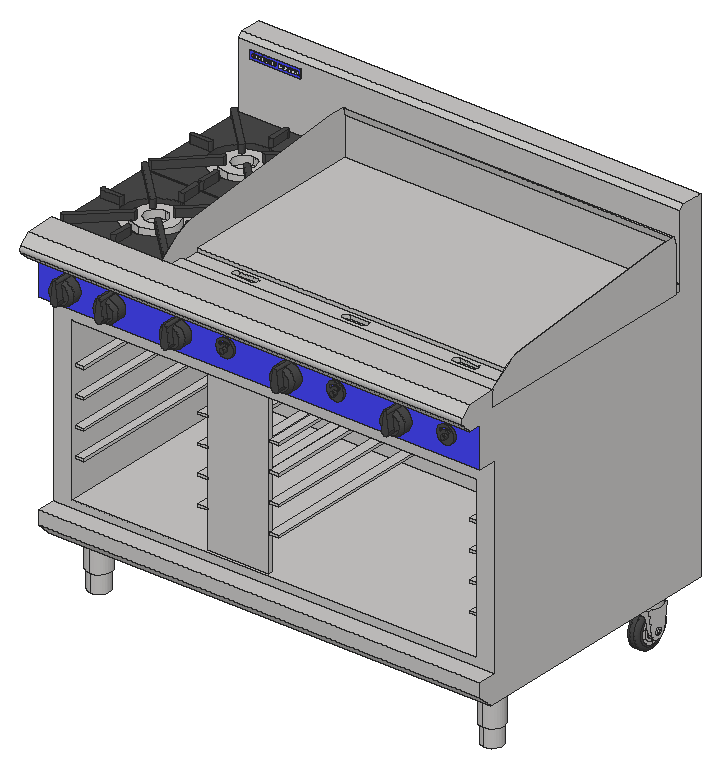
Revit family "QF_MOFFAT_BLUESEAL_CE_G518A-CB", category Specialty Equipment, Revit 2012
Parameters
  Weight in Pounds = 435  # constant formula
  URL Cutsheet = "www.moffat.com"
  URL = "www.moffat.com"
  Type Mark [instance] = ""
  Status [instance] = ""
  Specification by User [instance] = ""
  Specification by Manufacturer = ""
  Show Logo [instance] = yes
  Show Casters [instance] = yes
  Serial Number = ""
  Seismic Rating = ""
  SMACNA No = ""
  Revision Code [instance] = ""
  Omniclass Number and Title = ""
  NAFEM Spec ID Number = ""
  Model = "G518A-CB"
  Mechanical Remarks [instance] = ""
  Mechanical Connection Type [instance] = ""
  Masterspec = ""
  Manufacturer = "MOFFAT BLUESEAL"
  Legs [instance] = not(Show Casters)  # no
  Item Number [instance] = ""
  Installed By [instance] = ""
  Identify Quantity as Lot [instance] = yes
  Gas Size = 3/4"
  Gas RI Height [instance] = 0.0 mm
  Gas KW = 32
  Gas Input [instance] = 81500.0 Btu/h
  Gas Connection Height = 0.0 mm
  Furnished By [instance] = ""
  Foodservice Equipment Identifier [instance] = yes
  Description = "1200MM GAS COOK TOP ON CABINET BASE"
  CSI MasterFormat = ""
  CSI Master Format = ""
  Body Height [instance] = 915.0 mm
  Base Height [instance] = 150.0 mm
Reference planes
  plane 1 "BACK": y = 0
  plane 2: z = 0
  plane 3 "LEFT": x = 0
  plane 4 "RIGHT": x = 1200
  plane 5 "FRONT": y = -812
  plane 6 "TOP": z = 970
  plane 7 "Center Y": x = 600
  plane 8 "Center X": y = -406
  plane 9 "Base Height": z = 150
  plane 10: x = 1134
  plane 11: x = 65
  plane 12: z = 915
  plane 13: z = 1085
  plane 14: y = -100
  plane 15: y = -625
Forms (mm)
  Extrusion 1, solid, material "QF_Finishes_Stainless Steel"
    sketch origin (0, 0, 0) x (0, 1, 0) y (0, 0, 1)
      loop
        line (0, 150) -> (0, 1085) -> (-57.5, 1085) -> (-70, 1072.5) -> (-70, 875) -> (-705, 875) -> (-705, 915) -> (-783.97, 915) -> (-808.485, 890.485)
        arc (-808.485, 890.485) -> (-811.999, 882) -> (-808.485, 873.515) r 12
        line (-808.485, 873.515) -> (-784.97, 850) -> (-749, 850) -> (-749, 740) -> (-135.7, 740) -> (-135.7, 150) -> (0, 150)
      loop
        line (-699, 222.5) -> (-749, 222.5) -> (-749, 186) -> (-713, 150) -> (-699, 150) -> (-699, 222.5)
    from 0 to 1200
  Extrusion 2, solid, material "QF_Finishes_Stainless Steel"
    sketch origin (705, 3, 100) x (1, 0, 0) y (0, 1, 0)
      loop
        circle (365, -35) r 13.5
    from 555 to 599.856
  Revolve 3, solid, material "QF_Finishes_Black"
    sketch origin (89.999, 7, 759.972) x (0, 1, 0) y (0, 0, -1)
      loop
        line (-789, -69.5) -> (-766, -69.5) -> (-766, -42) -> (-756, -42) -> (-756, -37) -> (-800, -37) -> (-800, -63.651) -> (-789, -69.5)
      axis (-800, -37) -> (-756, -37)
    angle from 0 to 360
  Extrusion 4, solid, material "QF_Finishes_Black"
    sketch origin (228.269, 0, 760.13) x (-1, 0, 0) y (0, 0, -1)
      loop
        line (127.85, -26.064) -> (133.27, -68.983)
        arc (133.27, -68.983) -> (138.269, -73.87) -> (143.267, -68.983) r 5
        line (143.267, -68.983) -> (148.756, -24.898)
        arc (148.756, -24.898) -> (137.684, -14.399) -> (127.85, -26.064) r 10.487
    from 759 to 808
  Revolve 5, solid, material "QF_Finishes_Stainless Steel"
    sketch origin (65, -728, 0) x (0, 1, 0) y (0, 0, 1)
      loop
        line (71.25, 150) -> (71.25, 50) -> (75.5, 50) -> (75.5, 0) -> (103, 0) -> (103, 150) -> (71.25, 150)
      axis (103, 150) -> (103, 0)
    angle from 0 to 360
  Revolve 6, solid, material "QF_Finishes_Stainless Steel"
    sketch origin (1134, -728, 0) x (0, 1, 0) y (0, 0, -1)
      loop
        line (71.25, -150) -> (103, -150) -> (103, 0) -> (75.5, 0) -> (75.5, -50) -> (71.25, -50) -> (71.25, -150)
      axis (103, -150) -> (103, 0)
    angle from 0 to 360
  Extrusion 7, solid, material "QF_Finishes_Stainless Steel"
    sketch origin (0, 0, 0) x (1, 0, 0) y (0, 0, 1)
      loop
        line (0, 740) -> (0, 150) -> (1200, 150) -> (1200, 740) -> (0, 740)
      loop
        line (50, 680) -> (50, 242.5) -> (1150, 242.5) -> (1150, 680) -> (50, 680)
    from 135.7 to 699
  Extrusion 8, void
    sketch origin (0, 0, 150) x (-1, 0, 0) y (0, -1, 0)
      loop
        line (-1133.988, 87.26) -> (-1133.988, -30.24) -> (-1004.488, -30.24) -> (-1004.488, 38.76) -> (-1052.988, 87.26) -> (-1133.988, 87.26)
    from 72.5 to 549.856
  Extrusion 9, solid, material "QF_Finishes_Stainless Steel"
    sketch origin (0, -135.7, 735) x (0, 0, 1) y (-1, 0, 0)
      loop
        line (-50, -578.5) -> (-50, -412.5) -> (-492.5, -412.5) -> (-492.5, -578.5) -> (-50, -578.5)
    from 543.302 to 553.302
  Extrusion 10, solid, material "QF_Finishes_Stainless Steel"
    sketch origin (0, -135.7, 735) x (0, 0, 1) y (-1, 0, 0)
      loop
        line (-246.25, -410.75) -> (-239.9, -410.75) -> (-239.9, -385.75) -> (-246.25, -385.75) -> (-246.25, -410.75)
      loop
        line (-321.25, -410.75) -> (-314.9, -410.75) -> (-314.9, -385.75) -> (-321.25, -385.75) -> (-321.25, -410.75)
      loop
        line (-321.25, -50) -> (-321.25, -75) -> (-314.9, -75) -> (-314.9, -50) -> (-321.25, -50)
      loop
        line (-239.9, -75) -> (-239.9, -50) -> (-246.25, -50) -> (-246.25, -75) -> (-239.9, -75)
      loop
        line (-396.25, -410.75) -> (-389.9, -410.75) -> (-389.9, -385.75) -> (-396.25, -385.75) -> (-396.25, -410.75)
      loop
        line (-396.25, -50) -> (-396.25, -75) -> (-389.9, -75) -> (-389.9, -50) -> (-396.25, -50)
      loop
        line (-171.25, -410.75) -> (-164.9, -410.75) -> (-164.9, -385.75) -> (-171.25, -385.75) -> (-171.25, -410.75)
      loop
        line (-164.9, -75) -> (-164.9, -50) -> (-171.25, -50) -> (-171.25, -75) -> (-164.9, -75)
      loop
        line (-246.25, -579.25) -> (-246.25, -604.25) -> (-239.9, -604.25) -> (-239.9, -579.25) -> (-246.25, -579.25)
      loop
        line (-321.25, -579.25) -> (-321.25, -604.25) -> (-314.9, -604.25) -> (-314.9, -579.25) -> (-321.25, -579.25)
      loop
        line (-321.25, -1150) -> (-314.9, -1150) -> (-314.9, -1125) -> (-321.25, -1125) -> (-321.25, -1150)
      loop
        line (-239.9, -1125) -> (-246.25, -1125) -> (-246.25, -1150) -> (-239.9, -1150) -> (-239.9, -1125)
      loop
        line (-396.25, -579.25) -> (-396.25, -604.25) -> (-389.9, -604.25) -> (-389.9, -579.25) -> (-396.25, -579.25)
      loop
        line (-396.25, -1150) -> (-389.9, -1150) -> (-389.9, -1125) -> (-396.25, -1125) -> (-396.25, -1150)
      loop
        line (-171.25, -579.25) -> (-171.25, -604.25) -> (-164.9, -604.25) -> (-164.9, -579.25) -> (-171.25, -579.25)
      loop
        line (-164.9, -1125) -> (-171.25, -1125) -> (-171.25, -1150) -> (-164.9, -1150) -> (-164.9, -1125)
    from 0 to 553.302
  Revolve 11, solid, material "QF_Finishes_Black"
    sketch origin (210, 7, 760) x (0, 1, 0) y (0, 0, -1)
      loop
        line (-789, -69.5) -> (-766, -69.5) -> (-766, -42) -> (-756, -42) -> (-756, -37) -> (-800, -37) -> (-800, -63.651) -> (-789, -69.5)
      axis (-800, -37) -> (-756, -37)
    angle from 0 to 360
  Extrusion 12, solid, material "QF_Finishes_Black"
    sketch origin (348.27, 0, 760.158) x (-1, 0, 0) y (0, 0, -1)
      loop
        line (127.85, -26.064) -> (133.27, -68.983)
        arc (133.27, -68.983) -> (138.269, -73.87) -> (143.267, -68.983) r 5
        line (143.267, -68.983) -> (148.756, -24.898)
        arc (148.756, -24.898) -> (137.684, -14.399) -> (127.85, -26.064) r 10.487
    from 759 to 808
  Revolve 13, solid, material "QF_Finishes_Black"
    sketch origin (390, 7, 760) x (0, 1, 0) y (0, 0, -1)
      loop
        line (-789, -69.5) -> (-766, -69.5) -> (-766, -42) -> (-756, -42) -> (-756, -37) -> (-800, -37) -> (-800, -63.651) -> (-789, -69.5)
      axis (-800, -37) -> (-756, -37)
    angle from 0 to 360
  Extrusion 14, solid, material "QF_Finishes_Black"
    sketch origin (528.27, 0, 760.158) x (-1, 0, 0) y (0, 0, -1)
      loop
        line (127.85, -26.064) -> (133.27, -68.983)
        arc (133.27, -68.983) -> (138.269, -73.87) -> (143.267, -68.983) r 5
        line (143.267, -68.983) -> (148.756, -24.898)
        arc (148.756, -24.898) -> (137.684, -14.399) -> (127.85, -26.064) r 10.487
    from 759 to 808
  Revolve 15, solid, material "QF_Finishes_Black"
    sketch origin (690, 7, 760) x (0, 1, 0) y (0, 0, -1)
      loop
        line (-789, -69.5) -> (-766, -69.5) -> (-766, -42) -> (-756, -42) -> (-756, -37) -> (-800, -37) -> (-800, -63.651) -> (-789, -69.5)
      axis (-800, -37) -> (-756, -37)
    angle from 0 to 360
  Extrusion 16, solid, material "QF_Finishes_Black"
    sketch origin (828.27, 0, 760.158) x (-1, 0, 0) y (0, 0, -1)
      loop
        line (127.85, -26.064) -> (133.27, -68.983)
        arc (133.27, -68.983) -> (138.269, -73.87) -> (143.267, -68.983) r 5
        line (143.267, -68.983) -> (148.756, -24.898)
        arc (148.756, -24.898) -> (137.684, -14.399) -> (127.85, -26.064) r 10.487
    from 759 to 808
  Revolve 17, solid, material "QF_Finishes_Black"
    sketch origin (990, 7, 760) x (0, 1, 0) y (0, 0, -1)
      loop
        line (-789, -69.5) -> (-766, -69.5) -> (-766, -42) -> (-756, -42) -> (-756, -37) -> (-800, -37) -> (-800, -63.651) -> (-789, -69.5)
      axis (-800, -37) -> (-756, -37)
    angle from 0 to 360
  Extrusion 18, solid, material "QF_Finishes_Black"
    sketch origin (1128.27, 0, 760.158) x (-1, 0, 0) y (0, 0, -1)
      loop
        line (127.85, -26.064) -> (133.27, -68.983)
        arc (133.27, -68.983) -> (138.269, -73.87) -> (143.267, -68.983) r 5
        line (143.267, -68.983) -> (148.756, -24.898)
        arc (148.756, -24.898) -> (137.684, -14.399) -> (127.85, -26.064) r 10.487
    from 759 to 808
  Revolve 19, solid, material "QF_Finishes_Stainless Steel", visible <- "Legs"
    sketch origin (65.5, -166, 0) x (0, 1, 0) y (0, 0, 1)
      loop
        line (34.25, 150) -> (34.25, 50) -> (38.5, 50) -> (38.5, 0) -> (66, 0) -> (66, 150) -> (34.25, 150)
      axis (66, 150) -> (66, 0)
    angle from 0 to 360
  Revolve 20, solid, material "QF_Finishes_Stainless Steel", visible <- "Show Casters"
    sketch origin (16.276, -100.755, -12.8) x (1, 0, 0) y (0, 0, 1)
      loop
        line (14.841, 63.604) -> (83.584, 63.604) -> (83.584, 67.109) -> (82.314, 68.379) -> (80.79, 68.379) -> (80.79, 71.826) -> (68.644, 71.826) -> (68.644, 81.79) -> (65.088, 83.843) -> (63.738, 92.179) -> (65.881, 92.179) -> (65.881, 98.529) -> (65.088, 98.529) -> (65.088, 104.879)
        arc (65.088, 104.879) -> (62.298, 111.614) -> (55.563, 114.404) r 9.525
        line (55.563, 114.404) -> (42.863, 114.404)
        arc (42.863, 114.404) -> (36.127, 111.614) -> (33.338, 104.879) r 9.525
        line (33.338, 104.879) -> (33.338, 98.529) -> (32.544, 98.529) -> (32.544, 92.179) -> (34.687, 92.179) -> (33.352, 83.932) -> (29.782, 81.871) -> (29.782, 71.826) -> (17.635, 71.826) -> (17.635, 68.379) -> (16.111, 68.379) -> (14.841, 67.109) -> (14.841, 63.604)
      axis (14.841, 63.604) -> (83.584, 63.604)
    angle from 0 to 360
  Extrusion 21, solid, material "QF_Finishes_Stainless Steel", visible <- "Show Casters"
    sketch origin (72.001, 132.353, -8.783) x (0, 1, 0) y (0, 0, 1)
      loop
        line (-200.603, 118.783) -> (-264.103, 118.783) -> (-251.746, 53.895)
        arc (-251.746, 53.895) -> (-232.353, 38.783) -> (-212.959, 53.895) r 20
        line (-212.959, 53.895) -> (-200.603, 118.783)
    from -35.667 to 22.923
  Revolve 22, solid, material "QF_Finishes_Stainless Steel", visible <- "Show Casters"
    sketch origin (65.5, -204, 0) x (0, 1, 0) y (0, 0, 1)
      loop
        line (68.25, 150) -> (68.25, 110) -> (104, 110) -> (104, 150) -> (68.25, 150)
      axis (104, 150) -> (104, 110)
    angle from 0 to 360
  Revolve 23, solid, material "QF_Finishes_Stainless Steel", visible <- "Legs"
    sketch origin (65.5, -166, 0) x (0, 1, 0) y (0, 0, 1)
      loop
        line (34.25, 150) -> (34.25, 50) -> (38.5, 50) -> (38.5, 0) -> (66, 0) -> (66, 150) -> (34.25, 150)
      axis (66, 150) -> (66, 0)
    angle from 0 to 360
  Revolve 24, solid, material "QF_Finishes_Stainless Steel", visible <- "Legs"
    sketch origin (1134.5, -166, 0) x (0, 1, 0) y (0, 0, -1)
      loop
        line (34.25, -150) -> (66, -150) -> (66, 0) -> (38.5, 0) -> (38.5, -50) -> (34.25, -50) -> (34.25, -150)
      axis (66, -150) -> (66, 0)
    angle from 0 to 360
  Revolve 25, solid, material "QF_Finishes_Stainless Steel", visible <- "Show Casters"
    sketch origin (1183.724, -100.755, -12.8) x (-1, 0, 0) y (0, 0, -1)
      loop
        line (14.841, -63.604) -> (14.841, -67.109) -> (16.111, -68.379) -> (17.635, -68.379) -> (17.635, -71.826) -> (29.782, -71.826) -> (29.782, -81.871) -> (33.352, -83.932) -> (34.687, -92.179) -> (32.544, -92.179) -> (32.544, -98.529) -> (33.338, -98.529) -> (33.338, -104.879)
        arc (33.338, -104.879) -> (36.127, -111.614) -> (42.863, -114.404) r 9.525
        line (42.863, -114.404) -> (55.563, -114.404)
        arc (55.563, -114.404) -> (62.298, -111.614) -> (65.088, -104.879) r 9.525
        line (65.088, -104.879) -> (65.088, -98.529) -> (65.881, -98.529) -> (65.881, -92.179) -> (63.738, -92.179) -> (65.088, -83.843) -> (68.644, -81.79) -> (68.644, -71.826) -> (80.79, -71.826) -> (80.79, -68.379) -> (82.314, -68.379) -> (83.584, -67.109) -> (83.584, -63.604) -> (14.841, -63.604)
      axis (14.841, -63.604) -> (83.584, -63.604)
    angle from 0 to 360
  Extrusion 26, solid, material "QF_Finishes_Stainless Steel", visible <- "Show Casters"
    sketch origin (1127.999, 132.353, -8.783) x (0, 1, 0) y (0, 0, -1)
      loop
        line (-200.603, -118.783) -> (-212.959, -53.895)
        arc (-212.959, -53.895) -> (-232.353, -38.783) -> (-251.746, -53.895) r 20
        line (-251.746, -53.895) -> (-264.103, -118.783) -> (-200.603, -118.783)
    from -35.667 to 22.923
  Revolve 27, solid, material "QF_Finishes_Stainless Steel", visible <- "Show Casters"
    sketch origin (1134.5, -204, 0) x (0, 1, 0) y (0, 0, -1)
      loop
        line (68.25, -150) -> (104, -150) -> (104, -110) -> (68.25, -110) -> (68.25, -150)
      axis (104, -150) -> (104, -110)
    angle from 0 to 360
  Revolve 28, solid, material "QF_Finishes_Stainless Steel", visible <- "Legs"
    sketch origin (1134.5, -166, 0) x (0, 1, 0) y (0, 0, -1)
      loop
        line (34.25, -150) -> (66, -150) -> (66, 0) -> (38.5, 0) -> (38.5, -50) -> (34.25, -50) -> (34.25, -150)
      axis (66, -150) -> (66, 0)
    angle from 0 to 360
  Extrusion 29, solid, material "QF_Finishes_Black"
    sketch origin (0, -749, 850) x (0, 0, -1) y (1, 0, 0)
      loop
        circle (53, 810) r 23.9
      loop
        circle (53, 510) r 23.9
      loop
        arc (45.641, 518.419) -> (46.501, 523.219) -> (41.701, 524.079) r 3.448
        arc (41.701, 524.079) -> (35.116, 509.341) -> (42.919, 495.209) r 18.095
        arc (42.919, 495.209) -> (47.641, 496.491) -> (46.326, 501.204) r 3.448
        arc (46.326, 501.204) -> (42.758, 509.683) -> (45.641, 518.419) r 13.109
      loop
        arc (45.641, 818.419) -> (46.501, 823.219) -> (41.701, 824.079) r 3.448
        arc (41.701, 824.079) -> (35.116, 809.341) -> (42.919, 795.209) r 18.095
        arc (42.919, 795.209) -> (47.641, 796.491) -> (46.326, 801.204) r 3.448
        arc (46.326, 801.204) -> (42.758, 809.683) -> (45.641, 818.419) r 13.109
      loop
        circle (53, 1110) r 23.9
      loop
        arc (45.641, 1118.419) -> (46.501, 1123.219) -> (41.701, 1124.079) r 3.448
        arc (41.701, 1124.079) -> (35.116, 1109.341) -> (42.919, 1095.209) r 18.095
        arc (42.919, 1095.209) -> (47.641, 1096.491) -> (46.326, 1101.204) r 3.448
        arc (46.326, 1101.204) -> (42.758, 1109.683) -> (45.641, 1118.419) r 13.109
    from 0 to 5
  Extrusion 30, solid, material "QF_Finishes_Black"
    sketch origin (0, -754, 850) x (0, 0, -1) y (1, 0, 0)
      loop
        circle (56.5, 810) r 5.75
      loop
        circle (56.5, 510) r 5.75
      loop
        circle (56.5, 1110) r 5.75
    from 0 to 10
Cuts and joins
  Extrusion 8 cuts Extrusion 1
  joined: Extrusion 1, Extrusion 7
Lines and regions (mm)
  Split face 1
    outline origin (1200, 0, 1085) x (-1, 0, 0) y (0, -1, 0)
      loop
        arc (1167.206, 18.385) -> (1175.866, 23.385) -> (1175.866, 33.385) r 10
        line (1175.866, 33.385) -> (1171.824, 40.385)
        arc (1171.824, 40.385) -> (1168.164, 44.045) -> (1163.164, 45.385) r 10
        line (1163.164, 45.385) -> (935.206, 45.385)
        arc (935.206, 45.385) -> (926.545, 40.385) -> (926.545, 30.385) r 10
        line (926.545, 30.385) -> (930.587, 23.385)
        arc (930.587, 23.385) -> (934.247, 19.725) -> (939.247, 18.385) r 10
        line (939.247, 18.385) -> (1167.206, 18.385)
  Split face 2
    outline origin (1200, 0, 1085) x (-1, 0, 0) y (0, -1, 0)
      loop
        arc (35.206, 45.385) -> (26.545, 40.385) -> (26.545, 30.385) r 10
        line (26.545, 30.385) -> (30.587, 23.385)
        arc (30.587, 23.385) -> (34.247, 19.725) -> (39.247, 18.385) r 10
        line (39.247, 18.385) -> (267.206, 18.385)
        arc (267.206, 18.385) -> (275.866, 23.385) -> (275.866, 33.385) r 10
        line (275.866, 33.385) -> (271.824, 40.385)
        arc (271.824, 40.385) -> (268.164, 44.045) -> (263.164, 45.385) r 10
        line (263.164, 45.385) -> (35.206, 45.385)
  Split face 3
    outline origin (1200, 0, 1085) x (-1, 0, 0) y (0, -1, 0)
      loop
        arc (335.206, 45.385) -> (326.545, 40.385) -> (326.545, 30.385) r 10
        line (326.545, 30.385) -> (330.587, 23.385)
        arc (330.587, 23.385) -> (334.247, 19.725) -> (339.247, 18.385) r 10
        line (339.247, 18.385) -> (567.206, 18.385)
        arc (567.206, 18.385) -> (575.866, 23.385) -> (575.866, 33.385) r 10
        line (575.866, 33.385) -> (571.824, 40.385)
        arc (571.824, 40.385) -> (568.164, 44.045) -> (563.164, 45.385) r 10
        line (563.164, 45.385) -> (335.206, 45.385)
  Split face 4
    outline origin (1200, 0, 1085) x (-1, 0, 0) y (0, -1, 0)
      loop
        arc (867.206, 18.385) -> (875.866, 23.385) -> (875.866, 33.385) r 10
        line (875.866, 33.385) -> (871.824, 40.385)
        arc (871.824, 40.385) -> (868.164, 44.045) -> (863.164, 45.385) r 10
        line (863.164, 45.385) -> (635.206, 45.385)
        arc (635.206, 45.385) -> (626.545, 40.385) -> (626.545, 30.385) r 10
        line (626.545, 30.385) -> (630.587, 23.385)
        arc (630.587, 23.385) -> (634.247, 19.725) -> (639.247, 18.385) r 10
        line (639.247, 18.385) -> (867.206, 18.385)
  symbolic lines
    curve 1: line (1200, -812, 0) -> (1200, 0, 0)
    curve 2: line (0, -812, 0) -> (1200, -812, 0)
    curve 3: line (0, 0, 0) -> (0, -812, 0)
    curve 12: line (632.794, -18.385, 0) -> (860.753, -18.385, 0)
    curve 13: line (560.753, -18.385, 0) -> (332.794, -18.385, 0)
    curve 14: arc (332.794, -18.385, 0) -> (324.134, -23.385, 0) -> (324.134, -33.385, 0) r 10
    curve 15: line (324.134, -33.385, 0) -> (328.176, -40.385, 0)
    curve 16: arc (328.176, -40.385, 0) -> (331.836, -44.045, 0) -> (336.836, -45.385, 0) r 10
    curve 17: line (336.836, -45.385, 0) -> (564.794, -45.385, 0)
    curve 18: arc (564.794, -45.385, 0) -> (573.455, -40.385, 0) -> (573.455, -30.385, 0) r 10
    curve 19: line (573.455, -30.385, 0) -> (569.413, -23.385, 0)
    curve 20: arc (569.413, -23.385, 0) -> (565.753, -19.725, 0) -> (560.753, -18.385, 0) r 10
    curve 21: line (32.794, -18.385, 0) -> (260.753, -18.385, 0)
    curve 22: arc (260.753, -18.385, 0) -> (265.753, -19.725, 0) -> (269.413, -23.385, 0) r 10
    curve 23: line (269.413, -23.385, 0) -> (273.455, -30.385, 0)
    curve 24: arc (273.455, -30.385, 0) -> (273.455, -40.385, 0) -> (264.794, -45.385, 0) r 10
    curve 25: line (264.794, -45.385, 0) -> (36.836, -45.385, 0)
    curve 26: arc (36.836, -45.385, 0) -> (31.836, -44.045, 0) -> (28.176, -40.385, 0) r 10
    curve 27: line (28.176, -40.385, 0) -> (24.134, -33.385, 0)
    curve 28: arc (24.134, -33.385, 0) -> (24.134, -23.385, 0) -> (32.794, -18.385, 0) r 10
    curve 29: line (932.794, -18.385, 0) -> (1160.753, -18.385, 0)
    curve 30: arc (1160.753, -18.385, 0) -> (1165.753, -19.725, 0) -> (1169.413, -23.385, 0) r 10
    curve 31: line (1169.413, -23.385, 0) -> (1173.455, -30.385, 0)
    curve 32: arc (1173.455, -30.385, 0) -> (1173.455, -40.385, 0) -> (1164.794, -45.385, 0) r 10
    curve 33: line (1164.794, -45.385, 0) -> (936.836, -45.385, 0)
    curve 34: arc (936.836, -45.385, 0) -> (931.836, -44.045, 0) -> (928.176, -40.385, 0) r 10
    curve 35: line (928.176, -40.385, 0) -> (924.134, -33.385, 0)
    curve 36: arc (924.134, -33.385, 0) -> (924.134, -23.385, 0) -> (932.794, -18.385, 0) r 10
    curve 37: line (636.836, -45.385, 0) -> (864.794, -45.385, 0)
    curve 38: arc (864.794, -45.385, 0) -> (873.455, -40.385, 0) -> (873.455, -30.385, 0) r 10
    curve 39: line (873.455, -30.385, 0) -> (869.413, -23.385, 0)
    curve 40: arc (869.413, -23.385, 0) -> (865.753, -19.725, 0) -> (860.753, -18.385, 0) r 10
    curve 41: line (860.753, -18.385, 0) -> (632.794, -18.385, 0)
    curve 42: arc (632.794, -18.385, 0) -> (624.134, -23.385, 0) -> (624.134, -33.385, 0) r 10
    curve 43: line (624.134, -33.385, 0) -> (628.176, -40.385, 0)
    curve 44: arc (628.176, -40.385, 0) -> (631.836, -44.045, 0) -> (636.836, -45.385, 0) r 10
    curve 45: line (0, 0, 0) -> (1200, 0, 0)
    curve 46: line (0, -783.97, 0) -> (1200, -783.97, 0)
    curve 47: line (-1, -705, 0) -> (1199, -705, 0)
    curve 48: line (0, -70, 0) -> (1200, -70, 0)
    curve 49: line (0, -57.5, 0) -> (1200, -57.5, 0)
  symbolic lines, style "SpecialityEquipmentHiddenLines", visible <- "Show Casters"
    curve 4: line (78.456, -46.735, 0) -> (105.952, -62.61, 0)
    curve 5: line (27.656, -134.723, 0) -> (78.456, -46.735, 0)
    curve 6: line (55.152, -150.598, 0) -> (27.656, -134.723, 0)
    curve 7: line (105.952, -62.61, 0) -> (55.152, -150.598, 0)
    curve 8: line (1148.456, -46.735, 0) -> (1175.952, -62.61, 0)
    curve 9: line (1097.656, -134.723, 0) -> (1148.456, -46.735, 0)
    curve 10: line (1125.152, -150.598, 0) -> (1097.656, -134.723, 0)
    curve 11: line (1175.952, -62.61, 0) -> (1125.152, -150.598, 0)
Dimensions and locks
  equal spacing: plane 3 "LEFT", plane 7 "Center Y", plane 4 "RIGHT"
  plane 3 "LEFT" to plane 4 "RIGHT" = 1200.0 mm
  equal spacing: plane 5 "FRONT", plane 8 "Center X", plane 1 "BACK"
  plane 5 "FRONT" to plane 1 "BACK" = 812.0 mm
  "Base Height": plane 9 "Base Height" to level
  plane 6 "TOP" to level = 970.0 mm
  plane 10 to plane 11 = 1069.0 mm
  level to Extrusion 2 = 655.0 mm
  Extrusion 8 to Extrusion 8 = 477.356 mm
  plane 13 to plane 2 = 1085.0 mm
  Extrusion 2 sketch curve to plane 1 "BACK" = 32.0 mm
  Revolve 20 sketch curve to Revolve 20 sketch curve = 50.8 mm
  Revolve 25 sketch curve to Revolve 25 sketch curve = 50.8 mm
  aligned and locked: level to plane 2
Automatic sketch dimensions
  Extrusion 1 sketch curve to plane 12 = 0.0 mm
  Extrusion 1 sketch curve to plane 9 "Base Height" = 0.0 mm  (x2)
  Extrusion 1 sketch curve to plane 13 = 0.0 mm
  Extrusion 1 sketch curve to plane 1 "BACK" = 0.0 mm
  Extrusion 1 sketch curve to Extrusion 1 sketch curve = 57.5 mm
  Extrusion 1 sketch curve to plane 13 = 12.5 mm
  Extrusion 1 sketch curve to Extrusion 1 sketch curve = 12.5 mm
  plane 1 "BACK" to Extrusion 1 sketch curve = 135.7 mm
  Extrusion 1 sketch curve to plane 5 "FRONT" = 113.0 mm
  Extrusion 1 sketch curve to plane 12 = 40.0 mm
  Extrusion 1 sketch curve to plane 5 "FRONT" = 107.0 mm
  Extrusion 1 sketch curve to Extrusion 1 sketch curve = 14.0 mm
  Extrusion 1 sketch curve to plane 5 "FRONT" = 63.0 mm
  Extrusion 1 sketch curve to Extrusion 1 sketch curve = 50.0 mm
  Extrusion 1 sketch curve to plane 5 "FRONT" = 28.03 mm
  Extrusion 1 sketch curve to plane 5 "FRONT" = 27.03 mm
  Extrusion 1 sketch curve to plane 5 "FRONT" = 12.001 mm
  Extrusion 1 sketch curve to plane 5 "FRONT" = 3.515 mm  (x2)
  plane 9 "Base Height" to Extrusion 1 sketch curve = 36.0 mm
  Extrusion 1 sketch curve to Extrusion 1 sketch curve = 36.5 mm
  Extrusion 1 sketch curve to Extrusion 1 sketch curve = 135.0 mm
  Extrusion 1 sketch curve to Extrusion 1 sketch curve = 25.0 mm
  Extrusion 1 sketch curve to Extrusion 1 sketch curve = 23.515 mm
  Extrusion 1 sketch curve to Extrusion 1 sketch curve = 8.485 mm
  Extrusion 2 sketch curve to plane 10 = 64.0 mm
  Revolve 3 sketch curve to plane 5 "FRONT" = 19.0 mm
  Revolve 3 sketch curve to Revolve 3 sketch curve = 0.0 mm  (x2)
  Revolve 3 sketch curve to Revolve 3 sketch curve = 11.0 mm
  Revolve 3 sketch curve to Revolve 3 sketch curve = 12.7 mm
  Revolve 3 sketch curve to Revolve 3 sketch curve = 23.0 mm
  Revolve 3 sketch curve to Revolve 3 sketch curve = 10.0 mm
  Revolve 3 sketch curve to plane 12 = 85.528 mm
  Revolve 3 sketch curve to Revolve 3 sketch curve = 5.849 mm
  Revolve 3 sketch curve to Revolve 3 sketch curve = 27.5 mm
  Revolve 3 sketch curve to Revolve 3 sketch curve = 5.0 mm
  plane 11 to Extrusion 4 sketch curve = 35.419 mm
  plane 11 to Extrusion 4 sketch curve = 29.999 mm
  Extrusion 4 sketch curve to Extrusion 4 sketch curve = 10.419 mm
  Extrusion 4 sketch curve to Extrusion 4 sketch curve = 4.999 mm  (x2)
  Extrusion 4 sketch curve to Extrusion 4 sketch curve = 10.487 mm
  Extrusion 4 sketch curve to plane 12 = 85.887 mm
  Extrusion 4 sketch curve to Extrusion 4 sketch curve = 0.113 mm
  Extrusion 4 sketch curve to Extrusion 4 sketch curve = 42.919 mm
  Extrusion 4 sketch curve to Extrusion 4 sketch curve = 1.167 mm
  Revolve 5 sketch curve to plane 9 "Base Height" = 0.0 mm
  Revolve 5 sketch curve to level = 0.0 mm
  level to Revolve 5 sketch curve = 50.0 mm
  Revolve 5 sketch curve to plane 5 "FRONT" = 155.25 mm
  Revolve 5 sketch curve to Revolve 5 sketch curve = 4.25 mm
  Revolve 5 sketch curve to Revolve 5 sketch curve = 27.5 mm  (x2)
  Revolve 5 sketch curve to Revolve 5 sketch curve = 55.0 mm
  Revolve 5 sketch curve to Revolve 5 sketch curve = 0.0 mm
  Revolve 6 sketch curve to plane 9 "Base Height" = 0.0 mm
  Revolve 6 sketch curve to level = 0.0 mm
  level to Revolve 6 sketch curve = 50.0 mm
  Revolve 6 sketch curve to plane 5 "FRONT" = 155.25 mm
  Revolve 6 sketch curve to Revolve 6 sketch curve = 4.25 mm
  Revolve 6 sketch curve to Revolve 6 sketch curve = 27.5 mm  (x2)
  Revolve 6 sketch curve to Revolve 6 sketch curve = 0.0 mm
  Revolve 6 sketch curve to Revolve 6 sketch curve = 55.0 mm
  Extrusion 7 sketch curve to plane 3 "LEFT" = 0.0 mm
  plane 4 "RIGHT" to Extrusion 7 sketch curve = 0.0 mm
  Extrusion 7 sketch curve to plane 9 "Base Height" = 0.0 mm
  Extrusion 7 sketch curve to plane 11 = 15.0 mm
  plane 10 to Extrusion 7 sketch curve = 16.0 mm
  plane 9 "Base Height" to Extrusion 7 sketch curve = 92.5 mm
  Extrusion 7 sketch curve to plane 12 = 235.0 mm
  Extrusion 7 sketch curve to Extrusion 7 sketch curve = 60.0 mm
  Extrusion 8 sketch curve to plane 10 = 0.012 mm
  Extrusion 8 sketch curve to Extrusion 8 sketch curve = 81.0 mm
  Extrusion 8 sketch curve to Extrusion 8 sketch curve = 48.5 mm  (x2)
  Extrusion 8 sketch curve to plane 1 "BACK" = 30.24 mm
  plane 1 "BACK" to Extrusion 8 sketch curve = 38.76 mm
  Extrusion 9 sketch curve to Extrusion 1 = 92.5 mm
  Extrusion 1 to Extrusion 9 sketch curve = 55.0 mm
  Extrusion 1 to Extrusion 9 sketch curve = 578.5 mm
  Extrusion 9 sketch curve to Extrusion 9 sketch curve = 166.0 mm
  Extrusion 1 to Extrusion 10 sketch curve = 75.0 mm  (x2)
  Extrusion 10 sketch curve to Extrusion 1 = 188.75 mm  (x3)
  Extrusion 10 sketch curve to Extrusion 10 sketch curve = 0.0 mm  (x9)
  Extrusion 1 to Extrusion 10 sketch curve = 50.0 mm  (x4)
  Extrusion 10 sketch curve to Extrusion 10 sketch curve = 6.35 mm  (x16)
  Extrusion 10 sketch curve to Extrusion 10 sketch curve = 68.65 mm  (x12)
  Extrusion 10 sketch curve to Extrusion 10 sketch curve = 25.0 mm  (x16)
  Extrusion 10 sketch curve to Extrusion 10 sketch curve = 520.75 mm
  Extrusion 10 sketch curve to Extrusion 10 sketch curve = 168.5 mm
  Revolve 11 sketch curve to plane 5 "FRONT" = 19.0 mm
  Revolve 11 sketch curve to Revolve 11 sketch curve = 0.0 mm  (x2)
  Revolve 11 sketch curve to Revolve 11 sketch curve = 11.0 mm
  Revolve 11 sketch curve to Revolve 11 sketch curve = 12.7 mm
  Revolve 11 sketch curve to Revolve 11 sketch curve = 23.0 mm
  Revolve 11 sketch curve to Revolve 11 sketch curve = 10.0 mm
  Revolve 11 sketch curve to plane 12 = 85.5 mm
  Revolve 11 sketch curve to Revolve 11 sketch curve = 5.849 mm
  Revolve 11 sketch curve to Revolve 11 sketch curve = 27.5 mm
  Revolve 11 sketch curve to Revolve 11 sketch curve = 5.0 mm
  plane 11 to Extrusion 12 sketch curve = 155.42 mm
  Extrusion 12 sketch curve to Extrusion 12 sketch curve = 5.421 mm
  Extrusion 12 sketch curve to Extrusion 12 sketch curve = 10.419 mm
  Extrusion 12 sketch curve to Extrusion 12 sketch curve = 4.999 mm  (x2)
  Extrusion 12 sketch curve to plane 12 = 85.859 mm
  Extrusion 12 sketch curve to Extrusion 12 sketch curve = 10.487 mm
  Extrusion 12 sketch curve to Extrusion 12 sketch curve = 0.113 mm
  Extrusion 12 sketch curve to Extrusion 12 sketch curve = 42.919 mm
  Extrusion 12 sketch curve to Extrusion 12 sketch curve = 1.167 mm
  Revolve 13 sketch curve to plane 5 "FRONT" = 19.0 mm
  Revolve 13 sketch curve to Revolve 13 sketch curve = 0.0 mm  (x2)
  Revolve 13 sketch curve to Revolve 13 sketch curve = 11.0 mm
  Revolve 13 sketch curve to Revolve 13 sketch curve = 12.7 mm
  Revolve 13 sketch curve to Revolve 13 sketch curve = 23.0 mm
  Revolve 13 sketch curve to Revolve 13 sketch curve = 10.0 mm
  Revolve 13 sketch curve to plane 12 = 85.5 mm
  Revolve 13 sketch curve to Revolve 13 sketch curve = 5.849 mm
  Revolve 13 sketch curve to Revolve 13 sketch curve = 27.5 mm
  Revolve 13 sketch curve to Revolve 13 sketch curve = 5.0 mm
  Extrusion 14 sketch curve to plane 7 "Center Y" = 199.58 mm
  Extrusion 14 sketch curve to Extrusion 14 sketch curve = 5.421 mm
  Extrusion 14 sketch curve to Extrusion 14 sketch curve = 10.419 mm
  Extrusion 14 sketch curve to Extrusion 14 sketch curve = 4.999 mm  (x2)
  Extrusion 14 sketch curve to plane 12 = 85.859 mm
  Extrusion 14 sketch curve to Extrusion 14 sketch curve = 10.487 mm
  Extrusion 14 sketch curve to Extrusion 14 sketch curve = 0.113 mm
  Extrusion 14 sketch curve to Extrusion 14 sketch curve = 42.919 mm
  Extrusion 14 sketch curve to Extrusion 14 sketch curve = 1.167 mm
  Revolve 15 sketch curve to plane 5 "FRONT" = 19.0 mm
  Revolve 15 sketch curve to Revolve 15 sketch curve = 0.0 mm  (x2)
  Revolve 15 sketch curve to Revolve 15 sketch curve = 11.0 mm
  Revolve 15 sketch curve to Revolve 15 sketch curve = 12.7 mm
  Revolve 15 sketch curve to Revolve 15 sketch curve = 23.0 mm
  Revolve 15 sketch curve to Revolve 15 sketch curve = 10.0 mm
  Revolve 15 sketch curve to plane 12 = 85.5 mm
  Revolve 15 sketch curve to Revolve 15 sketch curve = 5.849 mm
  Revolve 15 sketch curve to Revolve 15 sketch curve = 27.5 mm
  Revolve 15 sketch curve to Revolve 15 sketch curve = 5.0 mm
  plane 7 "Center Y" to Extrusion 16 sketch curve = 100.42 mm
  Extrusion 16 sketch curve to Extrusion 16 sketch curve = 5.421 mm
  Extrusion 16 sketch curve to Extrusion 16 sketch curve = 10.419 mm
  Extrusion 16 sketch curve to Extrusion 16 sketch curve = 4.999 mm  (x2)
  Extrusion 16 sketch curve to Extrusion 16 sketch curve = 10.487 mm
  Extrusion 16 sketch curve to plane 12 = 85.859 mm
  Extrusion 16 sketch curve to Extrusion 16 sketch curve = 0.113 mm
  Extrusion 16 sketch curve to Extrusion 16 sketch curve = 42.919 mm
  Extrusion 16 sketch curve to Extrusion 16 sketch curve = 1.167 mm
  Revolve 17 sketch curve to plane 5 "FRONT" = 19.0 mm
  Revolve 17 sketch curve to Revolve 17 sketch curve = 0.0 mm  (x2)
  Revolve 17 sketch curve to Revolve 17 sketch curve = 11.0 mm
  Revolve 17 sketch curve to Revolve 17 sketch curve = 12.7 mm
  Revolve 17 sketch curve to Revolve 17 sketch curve = 23.0 mm
  Revolve 17 sketch curve to Revolve 17 sketch curve = 10.0 mm
  Revolve 17 sketch curve to plane 12 = 85.5 mm
  Revolve 17 sketch curve to Revolve 17 sketch curve = 5.849 mm
  Revolve 17 sketch curve to Revolve 17 sketch curve = 27.5 mm
  Revolve 17 sketch curve to Revolve 17 sketch curve = 5.0 mm
  Extrusion 18 sketch curve to plane 10 = 133.58 mm
  Extrusion 18 sketch curve to Extrusion 18 sketch curve = 5.421 mm
  Extrusion 18 sketch curve to Extrusion 18 sketch curve = 10.419 mm
  Extrusion 18 sketch curve to Extrusion 18 sketch curve = 4.999 mm  (x2)
  Extrusion 18 sketch curve to plane 12 = 85.859 mm
  Extrusion 18 sketch curve to Extrusion 18 sketch curve = 10.487 mm
  Extrusion 18 sketch curve to Extrusion 18 sketch curve = 0.113 mm
  Extrusion 18 sketch curve to Extrusion 18 sketch curve = 42.919 mm
  Extrusion 18 sketch curve to Extrusion 18 sketch curve = 1.167 mm
  Split face 1 sketch curve to cut or joined group of Extrusion 1, Extrusion 7, Extrusion 8 = 27.115 mm
  Split face 1 sketch curve to cut or joined group of Extrusion 1, Extrusion 7, Extrusion 8 = 273.455 mm
  Split face 1 sketch curve to Split face 1 sketch curve = 4.041 mm  (x4)
  Split face 1 sketch curve to Split face 1 sketch curve = 8.66 mm  (x2)
  Split face 1 sketch curve to cut or joined group of Extrusion 1, Extrusion 7, Extrusion 8 = 12.115 mm
  Split face 1 sketch curve to cut or joined group of Extrusion 1, Extrusion 7, Extrusion 8 = 36.836 mm
  Split face 1 sketch curve to Split face 1 sketch curve = 7.0 mm  (x3)
  Split face 1 sketch curve to Split face 1 sketch curve = 17.0 mm
  Split face 2 sketch curve to cut or joined group of Extrusion 1, Extrusion 7, Extrusion 8 = 26.545 mm
  Split face 2 sketch curve to Split face 2 sketch curve = 4.041 mm  (x4)
  Split face 2 sketch curve to Split face 2 sketch curve = 8.66 mm  (x2)
  Split face 2 sketch curve to cut or joined group of Extrusion 1, Extrusion 7, Extrusion 8 = 22.115 mm
  Split face 2 sketch curve to Split face 2 sketch curve = 223.917 mm
  Split face 2 sketch curve to cut or joined group of Extrusion 1, Extrusion 7, Extrusion 8 = 17.115 mm
  Split face 2 sketch curve to Split face 2 sketch curve = 10.0 mm
  Split face 2 sketch curve to Split face 2 sketch curve = 7.0 mm  (x3)
  Split face 3 sketch curve to cut or joined group of Extrusion 1, Extrusion 7, Extrusion 8 = 27.115 mm
  Split face 3 sketch curve to cut or joined group of Extrusion 1, Extrusion 7, Extrusion 8 = 326.545 mm
  Split face 3 sketch curve to cut or joined group of Extrusion 1, Extrusion 7, Extrusion 8 = 23.385 mm
  Split face 3 sketch curve to Split face 3 sketch curve = 4.041 mm  (x3)
  Split face 3 sketch curve to Split face 3 sketch curve = 8.66 mm  (x3)
  Split face 3 sketch curve to cut or joined group of Extrusion 1, Extrusion 7, Extrusion 8 = 12.115 mm
  Split face 3 sketch curve to Split face 3 sketch curve = 223.917 mm
  Split face 3 sketch curve to cut or joined group of Extrusion 1, Extrusion 7, Extrusion 8 = 17.115 mm
  Split face 3 sketch curve to cut or joined group of Extrusion 1, Extrusion 7, Extrusion 8 = 24.115 mm
  Split face 3 sketch curve to Split face 3 sketch curve = 5.0 mm
  Split face 4 sketch curve to cut or joined group of Extrusion 1, Extrusion 7, Extrusion 8 = 27.115 mm
  Split face 4 sketch curve to cut or joined group of Extrusion 1, Extrusion 7, Extrusion 8 = 573.455 mm
  Split face 4 sketch curve to Split face 4 sketch curve = 4.041 mm  (x4)
  Split face 4 sketch curve to Split face 4 sketch curve = 8.66 mm  (x2)
  Split face 4 sketch curve to cut or joined group of Extrusion 1, Extrusion 7, Extrusion 8 = 12.115 mm
  Split face 4 sketch curve to Split face 4 sketch curve = 223.917 mm
  Split face 4 sketch curve to Split face 4 sketch curve = 7.0 mm  (x3)
  Split face 4 sketch curve to Split face 4 sketch curve = 17.0 mm
  Revolve 19 sketch curve to plane 9 "Base Height" = 0.0 mm
  Revolve 19 sketch curve to level = 0.0 mm
  level to Revolve 19 sketch curve = 50.0 mm
  plane 1 "BACK" to Revolve 19 sketch curve = 131.75 mm
  Revolve 19 sketch curve to Revolve 19 sketch curve = 4.25 mm
  Revolve 19 sketch curve to Revolve 19 sketch curve = 27.5 mm  (x2)
  Revolve 19 sketch curve to Revolve 19 sketch curve = 55.0 mm
  Revolve 19 sketch curve to Revolve 19 sketch curve = 0.0 mm
  plane 3 "LEFT" to Revolve 20 sketch curve = 31.118 mm
  Revolve 20 sketch curve to Revolve 20 sketch curve = 1.27 mm  (x4)
  Revolve 20 sketch curve to Revolve 20 sketch curve = 1.524 mm  (x2)
  Revolve 20 sketch curve to Revolve 20 sketch curve = 12.146 mm  (x2)
  Revolve 20 sketch curve to plane 11 = 16.18 mm
  Revolve 20 sketch curve to Revolve 20 sketch curve = 0.794 mm  (x2)
  Revolve 20 sketch curve to Revolve 20 sketch curve = 3.57 mm
  Revolve 20 sketch curve to Revolve 20 sketch curve = 2.143 mm
  Revolve 20 sketch curve to plane 11 = 5.861 mm
  plane 11 to Revolve 20 sketch curve = 5.63 mm
  plane 11 to Revolve 20 sketch curve = 6.839 mm
  plane 11 to Revolve 20 sketch curve = 15.015 mm
  Revolve 20 sketch curve to Revolve 20 sketch curve = 1.349 mm  (x2)
  Revolve 20 sketch curve to Revolve 20 sketch curve = 3.556 mm
  Revolve 20 sketch curve to Revolve 20 sketch curve = 33.32 mm
  level to Revolve 20 sketch curve = 50.804 mm
  Revolve 20 sketch curve to Revolve 20 sketch curve = 0.0 mm
  Revolve 20 sketch curve to Revolve 20 sketch curve = 3.505 mm  (x2)
  Revolve 20 sketch curve to Revolve 20 sketch curve = 3.447 mm  (x2)
  Revolve 20 sketch curve to Revolve 20 sketch curve = 9.964 mm
  Revolve 20 sketch curve to Revolve 20 sketch curve = 10.045 mm
  Revolve 20 sketch curve to Revolve 20 sketch curve = 2.053 mm
  Revolve 20 sketch curve to Revolve 20 sketch curve = 2.061 mm
  Revolve 20 sketch curve to Revolve 20 sketch curve = 8.247 mm
  Revolve 20 sketch curve to Revolve 20 sketch curve = 8.336 mm
  Revolve 20 sketch curve to Revolve 20 sketch curve = 6.35 mm  (x2)
  Extrusion 21 sketch curve to plane 9 "Base Height" = 40.0 mm
  plane 1 "BACK" to Extrusion 21 sketch curve = 131.75 mm
  level to Extrusion 21 sketch curve = 45.111 mm  (x2)
  Extrusion 21 sketch curve to Extrusion 21 sketch curve = 12.357 mm
  Extrusion 21 sketch curve to Extrusion 21 sketch curve = 19.393 mm
  Extrusion 21 sketch curve to Extrusion 21 sketch curve = 63.5 mm
  Extrusion 21 sketch curve to Extrusion 21 sketch curve = 4.889 mm
  Revolve 22 sketch curve to plane 9 "Base Height" = 0.0 mm
  Revolve 22 sketch curve to plane 9 "Base Height" = 40.0 mm
  plane 1 "BACK" to Revolve 22 sketch curve = 135.75 mm
  plane 1 "BACK" to Revolve 22 sketch curve = 100.0 mm
  Revolve 22 sketch curve to Revolve 22 sketch curve = 35.75 mm
  level to Revolve 22 sketch curve = 50.0 mm
  Revolve 22 sketch curve to level = 55.0 mm
  Revolve 23 sketch curve to plane 9 "Base Height" = 0.0 mm
  Revolve 23 sketch curve to level = 0.0 mm
  level to Revolve 23 sketch curve = 50.0 mm
  plane 1 "BACK" to Revolve 23 sketch curve = 131.75 mm
  Revolve 23 sketch curve to Revolve 23 sketch curve = 4.25 mm
  Revolve 23 sketch curve to Revolve 23 sketch curve = 27.5 mm  (x2)
  Revolve 23 sketch curve to Revolve 23 sketch curve = 55.0 mm
  Revolve 23 sketch curve to Revolve 23 sketch curve = 0.0 mm
  Revolve 24 sketch curve to plane 9 "Base Height" = 0.0 mm
  Revolve 24 sketch curve to level = 0.0 mm
  level to Revolve 24 sketch curve = 50.0 mm
  plane 1 "BACK" to Revolve 24 sketch curve = 131.75 mm
  Revolve 24 sketch curve to Revolve 24 sketch curve = 4.25 mm
  Revolve 24 sketch curve to Revolve 24 sketch curve = 27.5 mm  (x2)
  Revolve 24 sketch curve to Revolve 24 sketch curve = 0.0 mm
  Revolve 24 sketch curve to Revolve 24 sketch curve = 55.0 mm
  plane 4 "RIGHT" to Revolve 25 sketch curve = 31.118 mm
  Revolve 25 sketch curve to Revolve 25 sketch curve = 1.27 mm  (x4)
  Revolve 25 sketch curve to Revolve 25 sketch curve = 1.524 mm  (x2)
  Revolve 25 sketch curve to Revolve 25 sketch curve = 12.146 mm  (x2)
  Revolve 25 sketch curve to Revolve 25 sketch curve = 2.762 mm
  Revolve 25 sketch curve to Revolve 25 sketch curve = 0.794 mm  (x2)
  Revolve 25 sketch curve to Revolve 25 sketch curve = 3.57 mm
  Revolve 25 sketch curve to Revolve 25 sketch curve = 2.143 mm
  plane 10 to Revolve 25 sketch curve = 6.861 mm
  Revolve 25 sketch curve to plane 10 = 4.63 mm
  Revolve 25 sketch curve to plane 10 = 5.839 mm
  Revolve 25 sketch curve to plane 10 = 14.015 mm
  Revolve 25 sketch curve to Revolve 25 sketch curve = 1.349 mm  (x2)
  Revolve 25 sketch curve to Revolve 25 sketch curve = 3.556 mm
  Revolve 25 sketch curve to Revolve 25 sketch curve = 33.32 mm
  Revolve 25 sketch curve to plane 9 "Base Height" = 48.396 mm
  Revolve 25 sketch curve to Revolve 25 sketch curve = 6.35 mm  (x4)
  Revolve 25 sketch curve to Revolve 25 sketch curve = 8.247 mm
  Revolve 25 sketch curve to Revolve 25 sketch curve = 8.336 mm
  Revolve 25 sketch curve to Revolve 25 sketch curve = 2.061 mm
  Revolve 25 sketch curve to Revolve 25 sketch curve = 2.053 mm
  Revolve 25 sketch curve to Revolve 25 sketch curve = 10.045 mm
  Revolve 25 sketch curve to Revolve 25 sketch curve = 9.964 mm
  Revolve 25 sketch curve to Revolve 25 sketch curve = 3.447 mm  (x2)
  Revolve 25 sketch curve to Revolve 25 sketch curve = 3.505 mm
  Extrusion 26 sketch curve to plane 9 "Base Height" = 40.0 mm
  plane 1 "BACK" to Extrusion 26 sketch curve = 131.75 mm
  level to Extrusion 26 sketch curve = 45.111 mm  (x2)
  Extrusion 26 sketch curve to Extrusion 26 sketch curve = 12.357 mm
  Extrusion 26 sketch curve to Extrusion 26 sketch curve = 19.393 mm
  Extrusion 26 sketch curve to Extrusion 26 sketch curve = 63.5 mm
  Extrusion 26 sketch curve to Extrusion 26 sketch curve = 4.889 mm
  Revolve 27 sketch curve to plane 9 "Base Height" = 0.0 mm
  Revolve 27 sketch curve to plane 9 "Base Height" = 40.0 mm
  plane 1 "BACK" to Revolve 27 sketch curve = 135.75 mm
  plane 1 "BACK" to Revolve 27 sketch curve = 100.0 mm
  Revolve 27 sketch curve to Revolve 27 sketch curve = 35.75 mm
  level to Revolve 27 sketch curve = 50.0 mm
  Revolve 27 sketch curve to level = 55.0 mm
  Revolve 28 sketch curve to plane 9 "Base Height" = 0.0 mm
  Revolve 28 sketch curve to level = 0.0 mm
  level to Revolve 28 sketch curve = 50.0 mm
  plane 1 "BACK" to Revolve 28 sketch curve = 131.75 mm
  Revolve 28 sketch curve to Revolve 28 sketch curve = 4.25 mm
  Revolve 28 sketch curve to Revolve 28 sketch curve = 27.5 mm  (x2)
  Revolve 28 sketch curve to Revolve 28 sketch curve = 0.0 mm
  Revolve 28 sketch curve to Revolve 28 sketch curve = 55.0 mm
  curve 3 to plane 3 "LEFT" = 0.0 mm
  curve 45 to plane 4 "RIGHT" = 0.0 mm
  plane 5 "FRONT" to curve 3 = 0.0 mm
  plane 1 "BACK" to curve 1 = 0.0 mm
  plane 3 "LEFT" to curve 28 = 24.134 mm
  plane 3 "LEFT" to curve 6 = 27.656 mm
  curve 28 to curve 26 = 4.041 mm
  curve 28 to curve 28 = 8.66 mm
  curve 26 to curve 25 = 8.66 mm
  curve 6 to plane 11 = 9.848 mm
  plane 11 to curve 5 = 13.456 mm
  plane 1 "BACK" to curve 22 = 28.385 mm
  curve 4 to curve 22 = 154.801 mm
  curve 22 to curve 24 = 4.041 mm
  curve 22 to curve 22 = 8.66 mm
  plane 1 "BACK" to curve 23 = 30.385 mm
  curve 22 to curve 23 = 4.041 mm
  curve 23 to curve 14 = 50.679 mm
  curve 15 to curve 16 = 4.041 mm
  curve 14 to curve 14 = 8.66 mm
  curve 15 to curve 16 = 8.66 mm
  plane 1 "BACK" to curve 13 = 18.385 mm
  curve 13 to plane 7 "Center Y" = 39.247 mm
  curve 20 to curve 17 = 4.041 mm
  plane 1 "BACK" to curve 19 = 23.385 mm
  curve 20 to curve 19 = 8.66 mm
  curve 19 to curve 18 = 4.041 mm
  plane 7 "Center Y" to curve 42 = 24.134 mm
  curve 42 to curve 44 = 4.041 mm
  curve 42 to curve 42 = 8.66 mm
  curve 44 to curve 44 = 8.66 mm
  plane 1 "BACK" to curve 40 = 28.385 mm
  curve 44 to curve 40 = 223.917 mm
  curve 40 to curve 37 = 4.041 mm
  curve 40 to curve 40 = 8.66 mm
  plane 1 "BACK" to curve 39 = 30.385 mm
  curve 39 to curve 39 = 4.041 mm
  plane 1 "BACK" to curve 35 = 33.385 mm
  curve 39 to curve 35 = 50.679 mm
  curve 36 to curve 34 = 4.041 mm  (x2)
  curve 36 to curve 36 = 8.66 mm
  curve 10 to plane 10 = 36.344 mm
  curve 11 to plane 10 = 8.848 mm
  plane 10 to curve 8 = 14.456 mm
  plane 10 to curve 30 = 26.753 mm
  curve 8 to curve 32 = 16.339 mm
  plane 1 "BACK" to curve 31 = 23.385 mm
  curve 30 to curve 31 = 8.66 mm
  curve 31 to curve 32 = 4.041 mm
  plane 14 to curve 7 = 50.598 mm
  plane 14 to curve 10 = 50.598 mm
  curve 6 to curve 5 = 15.875 mm
  curve 10 to curve 10 = 15.875 mm
  curve 38 to curve 38 = 15.0 mm
  curve 34 to curve 36 = 12.0 mm
  curve 4 to curve 26 = 1.35 mm
  curve 18 to curve 20 = 17.0 mm
  curve 34 to curve 36 = 7.0 mm  (x2)
  curve 17 to curve 16 = 5.0 mm
  curve 37 to curve 44 = 5.0 mm
  curve 25 to curve 26 = 5.0 mm
  curve 33 to curve 32 = 10.0 mm
  curve 18 to curve 20 = 7.0 mm
  curve 43 to curve 42 = 7.0 mm
  curve 16 to curve 15 = 7.0 mm
  curve 27 to curve 28 = 7.0 mm
  curve 26 to curve 28 = 7.0 mm
  curve 44 to curve 42 = 7.0 mm
  curve 46 to plane 5 "FRONT" = 28.03 mm
  curve 47 to plane 3 "LEFT" = 1.0 mm
  plane 4 "RIGHT" to curve 47 = 1.0 mm
  curve 46 to curve 47 = 78.97 mm
  curve 48 to curve 8 = 7.39 mm
  curve 48 to curve 49 = 12.5 mm
  Extrusion 1 to Extrusion 29 sketch curve = 41.701 mm  (x3)
  Extrusion 29 sketch curve to Extrusion 29 sketch curve = 1.218 mm  (x3)
  Extrusion 29 sketch curve to Extrusion 29 sketch curve = 1.97 mm  (x6)
  Extrusion 29 sketch curve to Extrusion 29 sketch curve = 1.724 mm  (x3)
  Extrusion 29 sketch curve to Extrusion 29 sketch curve = 1.683 mm  (x3)
  Extrusion 29 sketch curve to Extrusion 29 sketch curve = 6.674 mm  (x3)
  Extrusion 29 sketch curve to Extrusion 29 sketch curve = 0.195 mm  (x3)
  Extrusion 29 sketch curve to Extrusion 29 sketch curve = 2.662 mm  (x3)
  Extrusion 1 to Extrusion 29 sketch curve = 495.209 mm
  Extrusion 29 sketch curve to Extrusion 29 sketch curve = 2.986 mm  (x3)
  Extrusion 29 sketch curve to Extrusion 29 sketch curve = 8.796 mm  (x3)
  Extrusion 29 sketch curve to Extrusion 29 sketch curve = 0.103 mm  (x3)
  Extrusion 29 sketch curve to Extrusion 29 sketch curve = 0.102 mm  (x3)
  Extrusion 29 sketch curve to Extrusion 29 sketch curve = 271.13 mm
  Extrusion 1 to Extrusion 29 sketch curve = 104.791 mm
  Extrusion 30 sketch curve to Extrusion 30 sketch curve = 0.0 mm  (x2)
  Extrusion 30 sketch curve to Extrusion 30 sketch curve = 300.0 mm  (x2)
  radius of Extrusion 2 sketch curve = 13.5 mm
  radius of Extrusion 29 sketch curve = 23.9 mm  (x3)
  radius of Extrusion 30 sketch curve = 5.75 mm  (x3)
Nested families
  nested 1: "WALDORF LOGO_FACE BASE" at (32, -70, 1056.885) x (1, 0, 0) z (0, -1, 0), visible <- "Show Logo", type "WALDORF LOGO_FACE BASE", detail levels medium+fine
    with Show Logo yes
  nested 2: "GAS BURNER 300 & GRIDDLE 900" at (0, -70, 875.195), type "GAS BURNER 300 & GRIDDLE 900"
    with Width 1200.0 mm, Type Mark "", Status "", Specification by User "", Revision Code "", Item Number "", Installed By "", Identify Quantity as Lot yes, Furnished By "", Foodservice Equipment Identifier yes, Depth 635.0 mm
Connectors
  piping at (1070, -32, 655)
    settings: on Extrusion 2, index 1, connector radius 0.37402", flow factor 0, pipe flow 0 GPM, pressure drop 0.00 psi, fitting loss kfactor 0, connector angle 0.00°, fixture units 0, engagement length 0.0 mm, flow configuration 1, flow direction 1, fitting loss method 0, system type 7, joint type 0, gender type 0, connector reference index -1, connector utility 0, adjustable connector no, is connector primary yes, fitting loss table "", connector description "GAS CONNECTION"
Definition of nested family "WALDORF LOGO_FACE BASE"
  Parameters (values of type "WALDORF LOGO_FACE BASE")
    Show Logo [instance] = yes
    Default Elevation = 1219.2 mm
  Reference planes
    plane 1 "Center (Front/Back)": y = 0
    plane 2: z = 0
    plane 3 "Center (Left/Right)": x = 0
  Forms (mm)
    Extrusion 1, solid
      sketch origin (0, 0, 0) x (1, 0, 0) y (0, 1, 0)
        loop
          line (-1219.2, 1219.2) -> (-1219.2, -1219.2) -> (1219.2, -1219.2) -> (1219.2, 1219.2) -> (-1219.2, 1219.2)
      from 0 to -304.8
    Extrusion 2, solid, material "QF_Finishes_Blue", visible <- "Show Logo"
      sketch origin (0, -33.217, 0) x (1, 0, 0) y (0, 1, 0)
        loop
          arc (138, 31.942) -> (137.626, 32.844) -> (136.724, 33.217) r 1.276
          line (136.724, 33.217) -> (1.29, 33.217)
          arc (1.29, 33.217) -> (0.378, 32.839) -> (0, 31.927) r 1.29
          line (0, 31.927) -> (0, 11.507)
          arc (0, 11.507) -> (0.378, 10.595) -> (1.29, 10.217) r 1.29
          line (1.29, 10.217) -> (136.71, 10.217)
          arc (136.71, 10.217) -> (137.622, 10.595) -> (138, 11.507) r 1.29
          line (138, 11.507) -> (138, 31.942)
      from 0 to 1.588
    Extrusion 3, solid, material "QF_Finishes_White", visible <- "Show Logo"
      sketch origin (0, -33.217, 1.588) x (1, 0, 0) y (0, 1, 0)
        loop
          arc (108.946, 25.919) -> (107.613, 25.367) -> (107.061, 24.034) r 1.885
          line (107.061, 24.034) -> (107.061, 17.211) -> (112.704, 17.211) -> (112.704, 19.129) -> (115.546, 19.129) -> (115.546, 17.211) -> (121.584, 17.211) -> (121.584, 24.075)
          arc (121.584, 24.075) -> (121.043, 25.379) -> (119.739, 25.919) r 1.845
          line (119.739, 25.919) -> (108.946, 25.919)
        loop
          line (123.478, 25.919) -> (123.478, 17.163) -> (134.904, 17.163) -> (134.904, 19.129) -> (129.246, 19.129) -> (129.246, 25.919) -> (123.478, 25.919)
        loop
          line (112.704, 21.258) -> (115.546, 21.258) -> (115.546, 22.702)
          arc (115.546, 22.702) -> (115.344, 23.188) -> (114.858, 23.389) r 0.687
          line (114.858, 23.389) -> (113.363, 23.389)
          arc (113.363, 23.389) -> (112.897, 23.196) -> (112.704, 22.73) r 0.658
          line (112.704, 22.73) -> (112.704, 21.258)
        loop
          line (105.071, 25.919) -> (93.771, 25.919) -> (93.771, 17.163) -> (105.071, 17.163) -> (105.071, 19.063) -> (99.535, 19.063) -> (99.535, 20.437) -> (105.071, 20.437) -> (105.071, 22.278) -> (99.535, 22.278) -> (99.535, 23.587) -> (105.071, 23.587) -> (105.071, 25.919)
        loop
          line (91.104, 25.919) -> (79.541, 25.919)
          arc (79.541, 25.919) -> (78.558, 25.513) -> (78.152, 24.53) r 1.389
          line (78.152, 24.53) -> (78.152, 22.08)
          arc (78.152, 22.08) -> (78.558, 21.098) -> (79.541, 20.691) r 1.389
          line (79.541, 20.691) -> (86.346, 20.691) -> (86.346, 18.864) -> (83.266, 18.864) -> (83.266, 19.664) -> (78.152, 19.664) -> (78.152, 18.553)
          arc (78.152, 18.553) -> (78.558, 17.57) -> (79.541, 17.163) r 1.389
          line (79.541, 17.163) -> (91.063, 17.163)
          arc (91.063, 17.163) -> (92.045, 17.57) -> (92.452, 18.553) r 1.389
          line (92.452, 18.553) -> (92.452, 20.691)
          arc (92.452, 20.691) -> (92.045, 21.673) -> (91.063, 22.08) r 1.389
          line (91.063, 22.08) -> (83.266, 22.08) -> (83.266, 23.984) -> (86.346, 23.984) -> (86.346, 22.743) -> (92.452, 22.743) -> (92.452, 24.571)
          arc (92.452, 24.571) -> (92.057, 25.524) -> (91.104, 25.919) r 1.348
        loop
          line (70.705, 25.919) -> (59.405, 25.919) -> (59.405, 17.163) -> (70.705, 17.163) -> (70.705, 19.063) -> (65.169, 19.063) -> (65.169, 20.437) -> (70.705, 20.437) -> (70.705, 22.278) -> (65.169, 22.278) -> (65.169, 23.587) -> (70.705, 23.587) -> (70.705, 25.919)
        loop
          line (57.598, 25.919) -> (51.7, 25.919) -> (51.7, 20.18)
          arc (51.7, 20.18) -> (50.63, 19.11) -> (49.56, 20.18) r 1.07
          line (49.56, 20.18) -> (49.56, 25.919) -> (43.663, 25.919) -> (43.663, 19.049)
          arc (43.663, 19.049) -> (44.215, 17.716) -> (45.548, 17.163) r 1.885
          line (45.548, 17.163) -> (55.71, 17.163)
          arc (55.71, 17.163) -> (57.045, 17.716) -> (57.598, 19.051) r 1.887
          line (57.598, 19.051) -> (57.598, 25.919)
        loop
          line (31.62, 25.919) -> (31.62, 17.163) -> (43.046, 17.163) -> (43.046, 19.129) -> (37.388, 19.129) -> (37.388, 25.919) -> (31.62, 25.919)
        loop
          line (15.969, 25.919) -> (15.969, 17.163) -> (28.693, 17.163)
          arc (28.693, 17.163) -> (29.812, 17.627) -> (30.276, 18.746) r 1.582
          line (30.276, 18.746) -> (30.276, 20.447) -> (29.48, 21.243) -> (30.276, 22.039) -> (30.276, 24.332)
          arc (30.276, 24.332) -> (29.811, 25.454) -> (28.688, 25.919) r 1.587
          line (28.688, 25.919) -> (15.969, 25.919)
        loop
          line (21.449, 24.159) -> (21.449, 22.436) -> (23.862, 22.436)
          arc (23.862, 22.436) -> (24.723, 23.298) -> (23.862, 24.159) r 0.861
          line (23.862, 24.159) -> (21.449, 24.159)
        loop
          line (21.449, 20.244) -> (21.449, 18.522) -> (23.862, 18.522)
          arc (23.862, 18.522) -> (24.723, 19.383) -> (23.862, 20.244) r 0.861
          line (23.862, 20.244) -> (21.449, 20.244)
      from 0 to 0.2
    Extrusion 4, solid, material "QF_Finishes_Blue", visible <- "Show Logo"
      sketch origin (-126.498, -31.09, 1.588) x (1, 0, 0) y (0, 1, 0)
        loop
          line (136.738, 23.522) -> (136.738, 15.1)
          arc (136.738, 15.1) -> (140.756, 19.311) -> (136.738, 23.522) r 4.216
      from 0 to 0.2
    Extrusion 5, solid, material "QF_Finishes_Red", visible <- "Show Logo"
      sketch origin (146.849, -31.09, 1.588) x (-1, 0, 0) y (0, -1, 0)
        loop
          arc (136.738, -23.522) -> (140.756, -19.311) -> (136.738, -15.1) r 4.216
          line (136.738, -15.1) -> (136.738, -23.522)
      from 0 to 0.2
  Lines and regions (mm)
    Split face 1
      outline origin (-90.35, -30.793, 1.588) x (1, 0, 0) y (0, 1, 0)
        loop
          circle (100.54, 19.013) r 4.536
  Dimensions and locks
    aligned and locked: plane 2 to Extrusion 1
    aligned and locked: level to Extrusion 1
Definition of nested family "GAS BURNER 300 & GRIDDLE 900"
  Parameters (values of type "GAS BURNER 300 & GRIDDLE 900")
    Width [instance] = 1200.0 mm
    Weight in Pounds = 0
    URL Cutsheet = ""
    Type Mark [instance] = ""
    Status [instance] = ""
    Specification by User [instance] = ""
    Specification by Manufacturer = ""
    Serial Number = ""
    Seismic Rating = ""
    SMACNA No = ""
    Revision Code [instance] = ""
    Omniclass Number and Title = ""
    NAFEM Spec ID Number = ""
    Masterspec = ""
    Item Number [instance] = ""
    Installed By [instance] = ""
    Identify Quantity as Lot [instance] = yes
    Furnished By [instance] = ""
    Foodservice Equipment Identifier [instance] = yes
    Depth [instance] = 635.0 mm
    CSI MasterFormat = ""
    CSI Master Format = ""
  Reference planes
    plane 1 "BACK": y = 0
    plane 2: z = 0
    plane 3 "LEFT": x = 0
    plane 4 "RIGHT": x = 1200
    plane 5 "FRONT": y = -635
    plane 6 "TOP": z = 142.5
    plane 7 "Center Y": x = 600
    plane 8 "Center X": y = -317.5
  Dimensions and locks
    equal spacing: plane 3 "LEFT", plane 7 "Center Y", plane 4 "RIGHT"
    "Width": plane 3 "LEFT" to plane 4 "RIGHT"
    equal spacing: plane 5 "FRONT", plane 8 "Center X", plane 1 "BACK"
    "Depth": plane 5 "FRONT" to plane 1 "BACK"
    aligned and locked: level to plane 2
